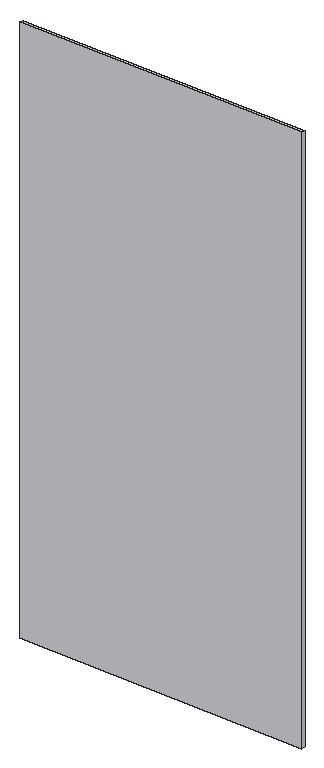
Revit family "Auxiliar_Pasillo", category Planting, Revit 2020
Family settings
  Cut with Voids When Loaded = Yes
  Render Appearance Source = Family Geometry
  Shared = No
Parameters (values of type "Auxiliar")
  Type Comments = "L3"
  built-in parameter 1001306 [instance] = 1.35 m
  Height = 0.00 m
  Altura [instance] = 2.645 m
  Default Elevation = 0.00 m
Reference planes (m)
  plane 1 "Center (Front/Back)": y = 0
  plane 2: z = 0
  plane 3 "Left": x = 0
  plane 4 "Right": x = 1.35
Forms (m)
  Extrusion 1, solid
    sketch origin (0, 0, 0) x (1, 0, 0) y (0, 1, 0)
      loop
        line (0, 0) -> (0, -0.015) -> (1.35, -0.015) -> (1.35, 0) -> (0, 0)
    from 0 to 2.645 <- "Altura"
Lines and regions (m)
  reference lines
    curve 1: line (0, 0, 0) -> (1.35, 0, 0)
Dimensions and locks (m)
  "built-in parameter 1001306": plane 3 "Left" to plane 4 "Right"
  aligned and locked: plane 4 "Right" to curve 1
  aligned and locked: plane 1 "Center (Front/Back)" to curve 1
  aligned and locked: plane 3 "Left" to curve 1
  aligned and locked: level to plane 2
  aligned and locked: Extrusion 1 sketch curve to curve 1
  aligned and locked: plane 3 "Left" to Extrusion 1 sketch curve
  aligned and locked: Extrusion 1 sketch curve to plane 4 "Right"
Automatic sketch dimensions
  plane 1 "Center (Front/Back)" to Extrusion 1 sketch curve = 0.015 m
